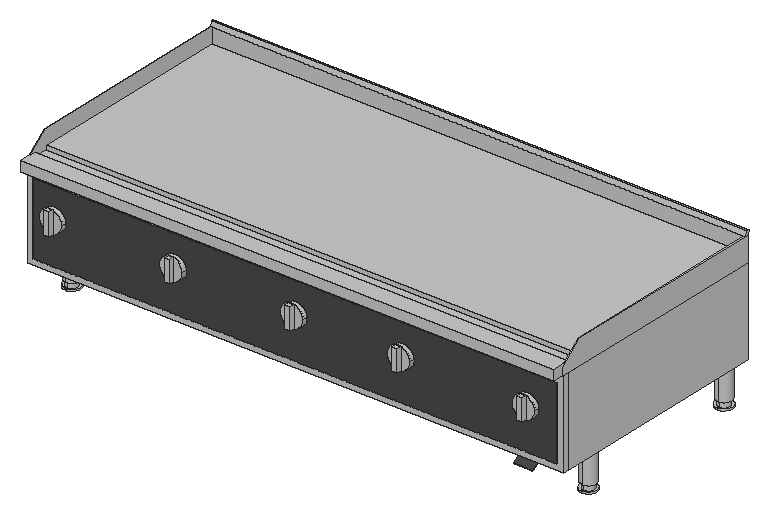
Revit family "QF_Vollrath_40840", category Specialty Equipment, Revit 2016
Family settings
  Part Type = Normal
  Round Connector Dimension = Use Diameter
  OmniClass Number = 23.40.40.14.17.14
  OmniClass Title = Hot Plates
  Work Plane-Based = No
  Always vertical = Yes
  Cut with Voids When Loaded = No
  Shared = No
  Room Calculation Point = No
Parameters (values of type "40840")
  Width [instance] = 5' - 0"
  Weight in Pounds = 502
  Watermarked By = "http://revitwatermark.com"
  URL Cutsheet = ""
  URL = ""
  Status [instance] = ""
  Specification by User [instance] = ""
  Specification by Manufacturer [instance] = ""
  Serial Number [instance] = ""
  Seismic Rating [instance] = ""
  Revision Code [instance] = ""
  NAFEM Spec ID Number [instance] = ""
  Model = "40840"
  Mechanical Remarks [instance] = ""
  Mechanical Connection Type [instance] = ""
  Masterspec [instance] = ""
  Manufacturer = "Vollrath"
  Length [instance] = 2' - 3"
  Item Number [instance] = "-"
  Installed By [instance] = ""
  Height AFF [instance] = 3' - 0"
  Gas Size = 3/4"
  Gas RI Height [instance] = 0' - 0"
  Gas KW = 0
  Gas Input = 140000.0 Btu/h
  Gas Connection Height [instance] = Height AFF + 0' 5 3/8"  # 3' - 5 3/8"
  Furnished By [instance] = ""
  Foodservice Equipment Identifier [instance] = yes
  Description = "Gas Griddle"
  CSI MasterFormat = "11 44 00"
  Assembly Code = "E1090320"
Reference planes (in)
  plane 1: z = 0
  plane 2 "BOTTOM": z = 36
  plane 3 "--": z = 52.51052
  plane 4 "LEFT CLEARANCE": x = -30.72076
  plane 5 "RIGHT CLEARANCE": x = 41.27924
  plane 6 "BACK CLEARANCE": y = 6
  plane 7 "FRONT": y = -27
  plane 8 "Top of Legs": z = 40
  plane 9 "LEFT": x = -24.72076
  plane 10: x = 35.27924
  plane 11 "BACK": y = 0
  plane 12: z = 39.75
  plane 13: z = 39.5
  plane 14: x = -22.40972
  plane 15: x = -18.72076
  plane 16: x = -15.03179
  plane 17: z = 51.5
  plane 18: z = 50.86814
  plane 19: z = 51.875
  plane 20: z = 41.5
  plane 21: x = -12.72076
  plane 22: y = -0.125
  plane 23: x = -24.59576
  plane 24: x = -6.22076
  plane 25 "TOP": z = 53.02104
  plane 26: x = 5.27924
  plane 27: x = 5.27924
  plane 28: x = 33.06049
  plane 29 "Grease Trap": z = 50.44581
Forms (in)
  Extrusion 1, solid, material "QF_Finishes_Stainless Steel"
    sketch origin (0, 0, 36) x (0, 1, 0) y (-1, 0, 0)
      loop
        circle (-2, 23.59576) r 0.9375
    from 0 to 0.125
  Extrusion 2, solid, material "QF_Finishes_Stainless Steel"
    sketch origin (0, 0, 36) x (0, 1, 0) y (-1, 0, 0)
      loop
        circle (-2, 23.59576) r 0.625
    from 0.125 to 0.75
  Extrusion 3, solid, material "QF_Finishes_Stainless Steel"
    sketch origin (0, 0, 36) x (0, 1, 0) y (-1, 0, 0)
      loop
        circle (-2, 23.59576) r 0.8125
    from 0.75 to 4
  Extrusion 4, solid, material "QF_Finishes_Stainless Steel"
    sketch origin (57.375, 0, 36) x (0, 1, 0) y (-1, 0, 0)
      loop
        circle (-2, 23.09576) r 0.9375
    from 0 to 0.125
  Extrusion 5, solid, material "QF_Finishes_Stainless Steel"
    sketch origin (57.375, 0, 36) x (0, 1, 0) y (-1, 0, 0)
      loop
        circle (-2, 23.09576) r 0.625
    from 0.125 to 0.75
  Extrusion 6, solid, material "QF_Finishes_Stainless Steel"
    sketch origin (57.375, 0, 36) x (0, 1, 0) y (-1, 0, 0)
      loop
        circle (-2, 23.09576) r 0.8125
    from 0.75 to 4
  Extrusion 7, solid, material "QF_Finishes_Stainless Steel"
    sketch origin (57.375, -24, 36) x (0, 1, 0) y (-1, 0, 0)
      loop
        circle (3, 23.09576) r 0.9375
    from 0 to 0.125
  Extrusion 8, solid, material "QF_Finishes_Stainless Steel"
    sketch origin (57.375, -24, 36) x (0, 1, 0) y (-1, 0, 0)
      loop
        circle (3, 23.09576) r 0.625
    from 0.125 to 0.75
  Extrusion 9, solid, material "QF_Finishes_Stainless Steel"
    sketch origin (57.375, -24, 36) x (0, 1, 0) y (-1, 0, 0)
      loop
        circle (3, 23.09576) r 0.8125
    from 0.75 to 4
  Extrusion 10, solid, material "QF_Finishes_Stainless Steel"
    sketch origin (0, -24, 36) x (0, 1, 0) y (-1, 0, 0)
      loop
        circle (3, 23.59576) r 0.9375
    from 0 to 0.125
  Extrusion 11, solid, material "QF_Finishes_Stainless Steel"
    sketch origin (0, -24, 36) x (0, 1, 0) y (-1, 0, 0)
      loop
        circle (3, 23.59576) r 0.625
    from 0.125 to 0.75
  Extrusion 12, solid, material "QF_Finishes_Stainless Steel"
    sketch origin (0, -24, 36) x (0, 1, 0) y (-1, 0, 0)
      loop
        circle (3, 23.59576) r 0.8125
    from 0.75 to 4
  Extrusion 13, solid, material "QF_Finishes_Stainless Steel"
    sketch origin (0, 0, 36) x (0, 1, 0) y (-1, 0, 0)
      loop
        line (0, 24.72076) -> (-25.04599, 24.72076) -> (-25.04599, -35.27924) -> (0, -35.27924) -> (0, 24.72076)
    from 4 to 13.75
  Extrusion 14, solid, material "QF_Finishes_Stainless Steel"
    sketch origin (0, 0, 0) x (1, 0, 0) y (0, 0, 1)
      loop
        line (30.02924, 40) -> (30.02924, 39.75) -> (32.1474, 39.75) -> (32.1474, 40) -> (30.02924, 40)
    from 0 to 25.04599
  Extrusion 15, solid, material "QF_Finishes_Stainless Steel"
    sketch origin (0, 0, 0) x (1, 0, 0) y (0, 0, 1)
      loop
        line (30.02924, 39.75) -> (30.02924, 39.5) -> (32.1474, 39.5) -> (32.1474, 39.75) -> (30.02924, 39.75)
    from 0 to 25.04599
  Extrusion 16, solid, material "QF_Finishes_Black"
    sketch origin (0, 0, 0) x (1, 0, 0) y (0, 0, 1)
      loop
        line (-24.21829, 48.76052) -> (-24.21829, 40.59949) -> (34.53171, 40.59949) -> (34.53171, 48.76052) -> (-24.21829, 48.76052)
      loop
        circle (5.20498, 45.42728) r 1.25
      loop
        circle (-21.79502, 45.42728) r 1.25
      loop
        circle (-8.29502, 45.42728) r 1.25
      loop
        circle (17.20498, 45.42728) r 1.25
      loop
        circle (31.20498, 45.42728) r 1.25
    from 25.04599 to 25.75
  Extrusion 17, solid, material "QF_Finishes_Stainless Steel"
    sketch origin (0, 0, 0) x (1, 0, 0) y (0, 0, 1)
      loop
        circle (-21.79502, 45.42728) r 1.25
    from 25.04599 to 26.25
  Extrusion 18, solid, material "QF_Finishes_Stainless Steel"
    sketch origin (0, 0, 0) x (1, 0, 0) y (0, 0, 1)
      loop
        line (-22.10719, 46.63767) -> (-22.10719, 44.20063) -> (-21.55452, 44.20063) -> (-21.55452, 46.63767) -> (-22.10719, 46.63767)
    from 26.25 to 26.75
  Extrusion 19, solid, material "QF_Finishes_Black"
    sketch origin (-24.72076, 0, 0) x (0, 1, 0) y (0, 0, 1)
      loop
        line (-25.04599, 39.75) -> (-25.04599, 39.81748)
        arc (-25.04599, 39.81748) -> (-25.64263, 39.6735) -> (-26.1385, 39.31181) r 1.57025
        line (-26.1385, 39.31181) -> (-26.07487, 39.24818)
        arc (-26.07487, 39.24818) -> (-25.60779, 39.59619) -> (-25.04599, 39.75) r 1.57025
    from 54.75 to 56.86815
  Extrusion 20, solid, material "QF_Finishes_Clearances", detail levels coarse
    sketch origin (0, 0, 36) x (0, 1, 0) y (-1, 0, 0)
      loop
        line (6, 30.72076) -> (-27, 30.72076) -> (-27, 24.72076) -> (6, 24.72076) -> (6, 30.72076)
    from 0 to 17.02104
  Extrusion 21, solid, material "QF_Finishes_Clearances", detail levels coarse
    sketch origin (0, 0, 36) x (0, 1, 0) y (-1, 0, 0)
      loop
        line (6, -35.27924) -> (-27, -35.27924) -> (-27, -41.27924) -> (6, -41.27924) -> (6, -35.27924)
    from 0 to 17.02104
  Extrusion 22, solid, material "QF_Finishes_Clearances", detail levels coarse
    sketch origin (0, 0, 36) x (0, 1, 0) y (-1, 0, 0)
      loop
        line (6, 24.72076) -> (0, 24.72076) -> (0, -35.27924) -> (6, -35.27924) -> (6, 24.72076)
    from 0 to 17.02104
  Extrusion 23, solid, material "QF_Finishes_Stainless Steel"
    sketch origin (48.09228, 0, 0) x (1, 0, 0) y (0, 0, 1)
      loop
        circle (-15.03179, 41.5) r 0.375
    from -0.13679 to 0.125
  Extrusion 24, solid, material "QF_Finishes_Stainless Steel"
    sketch origin (-36.59576, 0, 0) x (0, 1, 0) y (0, 0, 1)
      loop
        line (-25.79599, 50.58811) -> (-25.79599, 49.75) -> (0, 49.75) -> (0, 52.51052) -> (-23.4772, 52.51052) -> (-25.79599, 50.58811)
    from 11.875 to 12
  Extrusion 25, void
    sketch origin (0, 0, 36) x (0, 1, 0) y (-1, 0, 0)
      loop
        line (-23.48158, 24.59576) -> (-25.04599, 24.59576) -> (-25.04599, -35.15424) -> (-23.48158, -35.15424) -> (-23.48158, 24.59576)
    from 14.44581 to 14.86814
  Extrusion 26, solid, material "QF_Finishes_Stainless Steel"
    sketch origin (-24.72076, 0, 0) x (0, 1, 0) y (0, 0, 1)
      loop
        line (-25.04599, 49.75) -> (-25.04599, 50.86814) -> (-27, 50.86814) -> (-27, 49.75) -> (-25.04599, 49.75)
    from 0.125 to 59.875
  Extrusion 27, solid, material "QF_Finishes_Stainless Steel"
    sketch origin (-24.72076, 0, 0) x (0, 1, 0) y (0, 0, 1)
      loop
        line (0, 49.75) -> (0, 52.51052) -> (0.13679, 53.02104) -> (-0.05732, 53.02104) -> (-0.19411, 52.51052) -> (-0.19411, 49.75) -> (0, 49.75)
    from 0 to 60
  Extrusion 28, solid, material "QF_Finishes_Stainless Steel"
    sketch origin (23.27924, 0, 0) x (0, 1, 0) y (0, 0, 1)
      loop
        line (-25.79599, 50.58811) -> (-25.79599, 49.75) -> (0, 49.75) -> (0, 52.51052) -> (-23.4772, 52.51052) -> (-25.79599, 50.58811)
    from 11.875 to 12
  Extrusion 29, solid, material "QF_Finishes_Stainless Steel"
    sketch origin (-24.72076, 0, 0) x (0, 1, 0) y (0, 0, 1)
      loop
        line (-25.04599, 50.86814) -> (-25.04599, 49.75) -> (-0.19411, 49.75) -> (-0.19411, 50.86814) -> (-25.04599, 50.86814)
    from 0.125 to 59.875
  Extrusion 30, solid, material "QF_Finishes_Stainless Steel"
    sketch origin (13.5, 0, 0) x (1, 0, 0) y (0, 0, 1)
      loop
        circle (-21.79502, 45.42728) r 1.25
    from 25.04599 to 26.25
  Extrusion 31, solid, material "QF_Finishes_Stainless Steel"
    sketch origin (13.5, 0, 0) x (1, 0, 0) y (0, 0, 1)
      loop
        line (-22.10719, 46.63767) -> (-22.10719, 44.20063) -> (-21.55452, 44.20063) -> (-21.55452, 46.63767) -> (-22.10719, 46.63767)
    from 26.25 to 26.75
  Extrusion 32, solid, material "QF_Finishes_Stainless Steel"
    sketch origin (26.99952, 0, 0) x (1, 0, 0) y (0, 0, 1)
      loop
        circle (-21.79502, 45.42728) r 1.25
    from 25.04599 to 26.25
  Extrusion 33, solid, material "QF_Finishes_Stainless Steel"
    sketch origin (26.99952, 0, 0) x (1, 0, 0) y (0, 0, 1)
      loop
        line (-22.10719, 46.63767) -> (-22.10719, 44.20063) -> (-21.55452, 44.20063) -> (-21.55452, 46.63767) -> (-22.10719, 46.63767)
    from 26.25 to 26.75
  Extrusion 34, solid, material "QF_Finishes_Stainless Steel"
    sketch origin (0, 0, 0) x (1, 0, 0) y (0, 0, 1)
      loop
        line (-24.72076, 49.75) -> (-24.72076, 40) -> (35.27924, 40) -> (35.27924, 49.75) -> (-24.72076, 49.75)
      loop
        line (-24.21829, 48.76052) -> (-24.21829, 40.59949) -> (34.53171, 40.59949) -> (34.53171, 48.76052) -> (-24.21829, 48.76052)
    from 25.04599 to 25.75
  Extrusion 35, solid, material "QF_Finishes_Stainless Steel"
    sketch origin (38.99952, 0, 0) x (1, 0, 0) y (0, 0, 1)
      loop
        circle (-21.79502, 45.42728) r 1.25
    from 25.04599 to 26.25
  Extrusion 36, solid, material "QF_Finishes_Stainless Steel"
    sketch origin (38.99952, 0, 0) x (1, 0, 0) y (0, 0, 1)
      loop
        line (-22.10719, 46.63767) -> (-22.10719, 44.20063) -> (-21.55452, 44.20063) -> (-21.55452, 46.63767) -> (-22.10719, 46.63767)
    from 26.25 to 26.75
  Extrusion 37, solid, material "QF_Finishes_Stainless Steel"
    sketch origin (52.99952, 0, 0) x (1, 0, 0) y (0, 0, 1)
      loop
        circle (-21.79502, 45.42728) r 1.25
    from 25.04599 to 26.25
  Extrusion 38, solid, material "QF_Finishes_Stainless Steel"
    sketch origin (52.99952, 0, 0) x (1, 0, 0) y (0, 0, 1)
      loop
        line (-22.10719, 46.63767) -> (-22.10719, 44.20063) -> (-21.55452, 44.20063) -> (-21.55452, 46.63767) -> (-22.10719, 46.63767)
    from 26.25 to 26.75
Cuts and joins
  Extrusion 25 cuts Extrusion 13
  Extrusion 25 cuts Extrusion 14
  Extrusion 25 cuts Extrusion 15
  Extrusion 25 cuts Extrusion 29
Lines and regions (in)
  symbolic lines, style "QF_Clearances", detail levels coarse
    curve 1: line (-30.72076, -27, 36) -> (-30.72076, 6, 36)
    curve 2: line (-30.72076, 6, 36) -> (-24.72076, 6, 36)
    curve 3: line (-24.72076, 6, 36) -> (35.27924, 6, 36)
    curve 4: line (35.27924, 6, 36) -> (41.27924, 6, 36)
    curve 5: line (41.27924, 6, 36) -> (41.27924, -27, 36)
  symbolic lines
    curve 6: line (-24.72076, 0, 36) -> (35.27924, 0, 36)
    curve 7: line (35.27924, 0, 36) -> (35.27924, -27, 36)
    curve 8: line (35.27924, -27, 36) -> (-24.72076, -27, 36)
    curve 9: line (-24.72076, -27, 36) -> (-24.72076, 0, 36)
    curve 10: line (-24.72076, -25.04599, 36) -> (35.27924, -25.04599, 36)
    curve 11: line (-24.72076, -23.4772, 36) -> (35.27924, -23.4772, 36)
    curve 13: circle (33.06049, -24.22484, 50.44581) r 0.5 normal (0, 0, 1)
  model lines
    curve 12: circle (33.06049, -24.22484, 50.44581) r 0.5 normal (0, 0, 1)
Dimensions and locks (in)
  "Height AFF": plane 2 "BOTTOM" to level
  plane 4 "LEFT CLEARANCE" to plane 9 "LEFT" = 0' - 6"
  locked: plane 10 to plane 5 "RIGHT CLEARANCE" at 6
  plane 6 "BACK CLEARANCE" to plane 11 "BACK" = 0' - 6"
  "Length": plane 11 "BACK" to plane 7 "FRONT"
  "Width": plane 9 "LEFT" to plane 10
  locked: Extrusion 23 sketch curve to plane 8 "Top of Legs" at 1.5
  locked: plane 8 "Top of Legs" to plane 2 "BOTTOM" at 4
  locked: plane 12 to plane 13 at 0.25
  locked: plane 8 "Top of Legs" to plane 12 at 0.25
  plane 20 to plane 8 "Top of Legs" = 0' - 1 1/2"
  locked: plane 17 to plane 18 at 0.63186
  locked: plane 19 to plane 17 at 0.375
  locked: plane 19 to plane 3 "--" at 0.63552
  locked: plane 18 to plane 20 at 9.36814
  Extrusion 24 to Extrusion 20 = 0' - 6 1/8"
  locked: plane 25 "TOP" to plane 3 "--" at 0.51052
  locked: plane 18 to plane 29 "Grease Trap" at 0.42233
  aligned and locked: level to plane 1
  aligned: plane 10 to Extrusion 13 sketch curve
  aligned: Extrusion 14 sketch curve to plane 16
  aligned: Extrusion 15 sketch curve to plane 16
  aligned: plane 16 to Extrusion 19
  aligned: Extrusion 13 to plane 10
  aligned: Extrusion 14 to plane 8 "Top of Legs"
  aligned: Extrusion 15 to plane 12
  aligned: plane 13 to Extrusion 15
  aligned: Extrusion 13 to plane 8 "Top of Legs"
  aligned: plane 3 "--" to Extrusion 20  (x2)
  aligned: plane 3 "--" to Extrusion 21
  aligned: plane 3 "--" to Extrusion 22
  aligned and locked: plane 3 "--" to Extrusion 24
  aligned and locked: plane 25 "TOP" to Extrusion 27
  aligned and locked: Extrusion 21 to Extrusion 27
  aligned and locked: Extrusion 20 to Extrusion 21
  aligned and locked: plane 25 "TOP" to Extrusion 22
  aligned and locked: Extrusion 29 sketch curve to plane 18
  aligned and locked: Extrusion 26 to Extrusion 24
  aligned and locked: plane 18 to Extrusion 26
  aligned and locked: Extrusion 20 to Extrusion 27
  aligned and locked: Extrusion 24 to Extrusion 27
  aligned and locked: plane 3 "--" to Extrusion 28
  aligned and locked: Extrusion 28 to Extrusion 24  (x2)
  aligned and locked: Extrusion 24 to cut or joined group of Extrusion 13, Extrusion 25
  aligned and locked: Extrusion 24 to Extrusion 29
  aligned and locked: Extrusion 34 sketch curve to cut or joined group of Extrusion 13, Extrusion 25  (x2)
  aligned and locked: Extrusion 34 sketch curve to Extrusion 16  (x2)
Automatic sketch dimensions
  Extrusion 1 sketch curve to plane 22 = 0' - 1 7/8"
  plane 23 to Extrusion 1 sketch curve = 0' - 1"
  Extrusion 2 sketch curve to plane 22 = 0' - 1 7/8"
  plane 23 to Extrusion 2 sketch curve = 0' - 1"
  Extrusion 3 sketch curve to plane 22 = 0' - 1 7/8"
  plane 23 to Extrusion 3 sketch curve = 0' - 1"
  Extrusion 4 sketch curve to plane 22 = 0' - 1 7/8"
  plane 10 to Extrusion 4 sketch curve = 0' - 1"
  Extrusion 5 sketch curve to plane 22 = 0' - 1 7/8"
  plane 10 to Extrusion 5 sketch curve = 0' - 1"
  Extrusion 6 sketch curve to plane 22 = 0' - 1 7/8"
  plane 10 to Extrusion 6 sketch curve = 0' - 1"
  plane 10 to Extrusion 7 sketch curve = 0' - 1"
  plane 7 "FRONT" to Extrusion 7 sketch curve = 0' - 6"
  plane 10 to Extrusion 8 sketch curve = 0' - 1"
  plane 7 "FRONT" to Extrusion 8 sketch curve = 0' - 6"
  plane 10 to Extrusion 9 sketch curve = 0' - 1"
  plane 7 "FRONT" to Extrusion 9 sketch curve = 0' - 6"
  plane 23 to Extrusion 10 sketch curve = 0' - 1"
  plane 7 "FRONT" to Extrusion 10 sketch curve = 0' - 6"
  plane 23 to Extrusion 11 sketch curve = 0' - 1"
  plane 7 "FRONT" to Extrusion 11 sketch curve = 0' - 6"
  plane 23 to Extrusion 12 sketch curve = 0' - 1"
  plane 7 "FRONT" to Extrusion 12 sketch curve = 0' - 6"
  Extrusion 13 sketch curve to plane 9 "LEFT" = 0' - 0"
  Extrusion 13 sketch curve to plane 10 = 0' - 0"
  Extrusion 13 sketch curve to plane 11 "BACK" = 0' - 0"
  plane 7 "FRONT" to Extrusion 13 sketch curve = 0' - 1.95401"
  Extrusion 14 sketch curve to plane 12 = 0' - 0"
  Extrusion 14 sketch curve to plane 8 "Top of Legs" = 0' - 0"
  Extrusion 15 sketch curve to plane 13 = 0' - 0"
  Extrusion 15 sketch curve to plane 12 = 0' - 0"
  plane 23 to Extrusion 16 sketch curve = 0' - 0.37747"
  Extrusion 16 sketch curve to plane 14 = 0' - 0.61471"
  plane 24 to Extrusion 16 sketch curve = 0' - 2.07426"
  plane 26 to Extrusion 16 sketch curve = 0' - 0.07426"
  plane 10 to Extrusion 16 sketch curve = 0' - 4.07426"
  plane 10 to Extrusion 16 sketch curve = 0' - 0.74753"
  plane 8 "Top of Legs" to Extrusion 16 sketch curve = 0' - 0.59949"
  plane 20 to Extrusion 16 sketch curve = 0' - 3.92728"  (x5)
  Extrusion 16 sketch curve to plane 18 = 0' - 2.10762"
  Extrusion 17 sketch curve to Extrusion 17 sketch curve = 0' - 0"  (x2)
  plane 14 to Extrusion 17 sketch curve = 0' - 0.63529"
  Extrusion 17 sketch curve to plane 14 = 0' - 0.61471"
  plane 20 to Extrusion 17 sketch curve = 0' - 3.92728"
  Extrusion 18 sketch curve to plane 14 = 0' - 0.30254"
  Extrusion 18 sketch curve to Extrusion 18 sketch curve = 0' - 0.55267"
  plane 20 to Extrusion 18 sketch curve = 0' - 2.70063"
  Extrusion 18 sketch curve to Extrusion 18 sketch curve = 0' - 2.43704"
  Extrusion 19 sketch curve to plane 12 = 0' - 0"
  Extrusion 19 sketch curve to plane 13 = 0' - 0.18819"
  plane 7 "FRONT" to Extrusion 19 sketch curve = 0' - 0.8615"
  Extrusion 19 sketch curve to plane 13 = 0' - 0.25182"
  Extrusion 19 sketch curve to Extrusion 19 sketch curve = 0' - 0.06363"  (x2)
  plane 12 to Extrusion 19 sketch curve = 0' - 0.06748"
  Extrusion 19 sketch curve to Extrusion 19 sketch curve = 0' - 1.02888"
  Extrusion 19 sketch curve to plane 13 = 0' - 1.25151"
  Extrusion 20 sketch curve to plane 4 "LEFT CLEARANCE" = 0' - 0"
  Extrusion 20 sketch curve to plane 7 "FRONT" = 0' - 0"
  Extrusion 20 sketch curve to plane 6 "BACK CLEARANCE" = 0' - 0"
  Extrusion 20 sketch curve to plane 9 "LEFT" = 0' - 0"
  plane 7 "FRONT" to Extrusion 21 sketch curve = 0' - 0"
  plane 6 "BACK CLEARANCE" to Extrusion 21 sketch curve = 0' - 0"
  Extrusion 21 sketch curve to plane 5 "RIGHT CLEARANCE" = 0' - 0"
  Extrusion 21 sketch curve to plane 10 = 0' - 0"
  Extrusion 22 sketch curve to plane 9 "LEFT" = 0' - 0"
  Extrusion 22 sketch curve to plane 11 "BACK" = 0' - 0"
  Extrusion 22 sketch curve to plane 6 "BACK CLEARANCE" = 0' - 0"
  Extrusion 22 sketch curve to plane 10 = 0' - 0"
  Extrusion 24 sketch curve to plane 3 "--" = 0' - 0"
  Extrusion 24 sketch curve to plane 11 "BACK" = 0' - 0"
  plane 7 "FRONT" to Extrusion 24 sketch curve = 0' - 3.5228"
  Extrusion 24 sketch curve to plane 18 = 0' - 0.28003"
  plane 7 "FRONT" to Extrusion 24 sketch curve = 0' - 1.20401"
  Extrusion 24 sketch curve to plane 18 = 0' - 1.11814"
  plane 23 to Extrusion 25 sketch curve = 0' - 0"
  plane 7 "FRONT" to Extrusion 25 sketch curve = 0' - 1.95401"
  Extrusion 25 sketch curve to Extrusion 25 sketch curve = 0' - 1.56441"
  plane 10 to Extrusion 25 sketch curve = 0' - 0 1/8"
  Extrusion 26 sketch curve to plane 7 "FRONT" = 0' - 0"
  Extrusion 26 sketch curve to plane 18 = 0' - 0"
  plane 7 "FRONT" to Extrusion 26 sketch curve = 0' - 1.95401"
  Extrusion 26 sketch curve to Extrusion 26 sketch curve = 0' - 1.11814"
  Extrusion 27 sketch curve to plane 3 "--" = 0' - 0"  (x2)
  Extrusion 27 sketch curve to plane 25 "TOP" = 0' - 0"
  Extrusion 27 sketch curve to plane 11 "BACK" = 0' - 0"
  Extrusion 27 sketch curve to plane 11 "BACK" = 0' - 0.05732"
  Extrusion 27 sketch curve to plane 22 = 0' - 0.06911"
  plane 11 "BACK" to Extrusion 27 sketch curve = 0' - 0.13679"
  Extrusion 27 sketch curve to plane 18 = 0' - 1.11814"
  Extrusion 28 sketch curve to plane 3 "--" = 0' - 0"
  Extrusion 28 sketch curve to plane 11 "BACK" = 0' - 0"
  plane 7 "FRONT" to Extrusion 28 sketch curve = 0' - 3.5228"
  Extrusion 28 sketch curve to plane 18 = 0' - 0.28003"
  plane 7 "FRONT" to Extrusion 28 sketch curve = 0' - 1.20401"
  Extrusion 28 sketch curve to plane 18 = 0' - 1.11814"
  plane 7 "FRONT" to Extrusion 29 sketch curve = 0' - 1.95401"
  Extrusion 29 sketch curve to plane 22 = 0' - 0.06911"
  Extrusion 29 sketch curve to plane 18 = 0' - 1.11814"
  Extrusion 30 sketch curve to Extrusion 30 sketch curve = 0' - 0"  (x2)
  Extrusion 30 sketch curve to plane 21 = 0' - 3.17574"
  Extrusion 30 sketch curve to Extrusion 30 sketch curve = 0' - 1 1/4"
  plane 20 to Extrusion 30 sketch curve = 0' - 3.92728"
  plane 24 to Extrusion 31 sketch curve = 0' - 2.38643"
  Extrusion 31 sketch curve to Extrusion 31 sketch curve = 0' - 0.55267"
  plane 20 to Extrusion 31 sketch curve = 0' - 2.70063"
  Extrusion 31 sketch curve to Extrusion 31 sketch curve = 0' - 2.43704"
  Extrusion 32 sketch curve to Extrusion 32 sketch curve = 0' - 0"  (x2)
  plane 26 to Extrusion 32 sketch curve = 0' - 1.32474"
  plane 26 to Extrusion 32 sketch curve = 0' - 0.07474"
  plane 20 to Extrusion 32 sketch curve = 0' - 3.92728"
  plane 26 to Extrusion 33 sketch curve = 0' - 0.38691"
  Extrusion 33 sketch curve to plane 26 = 0' - 0.16576"
  plane 20 to Extrusion 33 sketch curve = 0' - 2.70063"
  Extrusion 33 sketch curve to Extrusion 33 sketch curve = 0' - 2.43704"
  Extrusion 34 sketch curve to plane 9 "LEFT" = 0' - 0"
  plane 10 to Extrusion 34 sketch curve = 0' - 0"
  plane 23 to Extrusion 34 sketch curve = 0' - 0.37747"
  plane 10 to Extrusion 34 sketch curve = 0' - 0.74753"
  Extrusion 35 sketch curve to Extrusion 35 sketch curve = 0' - 1 1/4"
  plane 20 to Extrusion 35 sketch curve = 0' - 3.92728"
  Extrusion 36 sketch curve to Extrusion 36 sketch curve = 0' - 0.55267"
  plane 20 to Extrusion 36 sketch curve = 0' - 2.70063"
  Extrusion 36 sketch curve to Extrusion 36 sketch curve = 0' - 2.43704"
  Extrusion 37 sketch curve to Extrusion 37 sketch curve = 0' - 0"  (x2)
  plane 10 to Extrusion 37 sketch curve = 0' - 5.32474"
  Extrusion 37 sketch curve to Extrusion 37 sketch curve = 0' - 1 1/4"
  plane 20 to Extrusion 37 sketch curve = 0' - 3.92728"
  plane 10 to Extrusion 38 sketch curve = 0' - 4.38691"
  Extrusion 38 sketch curve to Extrusion 38 sketch curve = 0' - 0.55267"
  plane 20 to Extrusion 38 sketch curve = 0' - 2.70063"
  Extrusion 38 sketch curve to Extrusion 38 sketch curve = 0' - 2.43704"
  plane 10 to Extrusion 14 sketch curve = 0' - 5 1/4"
  Extrusion 14 sketch curve to Extrusion 14 sketch curve = 0' - 2.11815"
  plane 10 to Extrusion 15 sketch curve = 0' - 5 1/4"
  Extrusion 15 sketch curve to Extrusion 15 sketch curve = 0' - 2.11815"
  Extrusion 16 sketch curve to plane 26 = 0' - 11.92574"
  plane 10 to Extrusion 23 sketch curve = 0' - 2 7/32"
  Extrusion 35 sketch curve to Extrusion 35 sketch curve = 0' - 0"
  Extrusion 35 sketch curve to plane 26 = 0' - 10.67526"
  Extrusion 36 sketch curve to plane 26 = 0' - 11.61309"
  curve 1 to plane 4 "LEFT CLEARANCE" = 0' - 0"
  curve 1 to plane 7 "FRONT" = 0' - 0"
  plane 7 "FRONT" to curve 7 = 0' - 0"
  curve 5 to plane 5 "RIGHT CLEARANCE" = 0' - 0"
  plane 7 "FRONT" to curve 5 = 0' - 0"
  curve 10 to plane 10 = 0' - 0"
  curve 10 to plane 9 "LEFT" = 0' - 0"
  curve 6 to plane 11 "BACK" = 0' - 0"
  plane 6 "BACK CLEARANCE" to curve 3 = 0' - 0"
  curve 3 to plane 10 = 0' - 0"
  curve 3 to plane 9 "LEFT" = 0' - 0"
  curve 7 to curve 10 = 0' - 1.95401"
  curve 10 to curve 11 = 0' - 1.56878"
  curve 12 to curve 13 = 0' - 0"  (x2)
  curve 13 to plane 28 = 0' - 0"
  plane 7 "FRONT" to curve 13 = 0' - 2.77516"
  radius of Extrusion 1 sketch curve = 0' - 0 15/16"
  radius of Extrusion 2 sketch curve = 0' - 0 5/8"
  radius of Extrusion 3 sketch curve = 0' - 0 13/16"
  radius of Extrusion 4 sketch curve = 0' - 0 15/16"
  radius of Extrusion 5 sketch curve = 0' - 0 5/8"
  radius of Extrusion 6 sketch curve = 0' - 0 13/16"
  radius of Extrusion 7 sketch curve = 0' - 0 15/16"
  radius of Extrusion 8 sketch curve = 0' - 0 5/8"
  radius of Extrusion 9 sketch curve = 0' - 0 13/16"
  radius of Extrusion 10 sketch curve = 0' - 0 15/16"
  radius of Extrusion 11 sketch curve = 0' - 0 5/8"
  radius of Extrusion 12 sketch curve = 0' - 0 13/16"
  radius of Extrusion 16 sketch curve = 0' - 1 1/4"  (x5)
  radius of Extrusion 23 sketch curve = 0' - 0 3/8"
  radius of curve 12 = 0' - 0 1/2"
  radius of curve 13 = 0' - 0 1/2"
Connectors (in)
  piping at (33.06049, 0.13679, 41.5), diameter 0.75
    settings: on Extrusion 23, index 1, connector inside diameter 3/4", connector length 0' - 0", flow factor 0, pipe flow 0 GPM, pressure drop 0.00 psi, fitting loss kfactor 0, connector angle 0.00°, fixture units 0, engagement length 0' - 0", angle of deflection 0.00°, flow configuration 1, flow direction 1, fitting loss method 0, system type 22, joint type 0, gender type 0, connector reference index -1, connector utility 0, adjustable connector no, is connector primary yes, connector description "Gas Connection"
